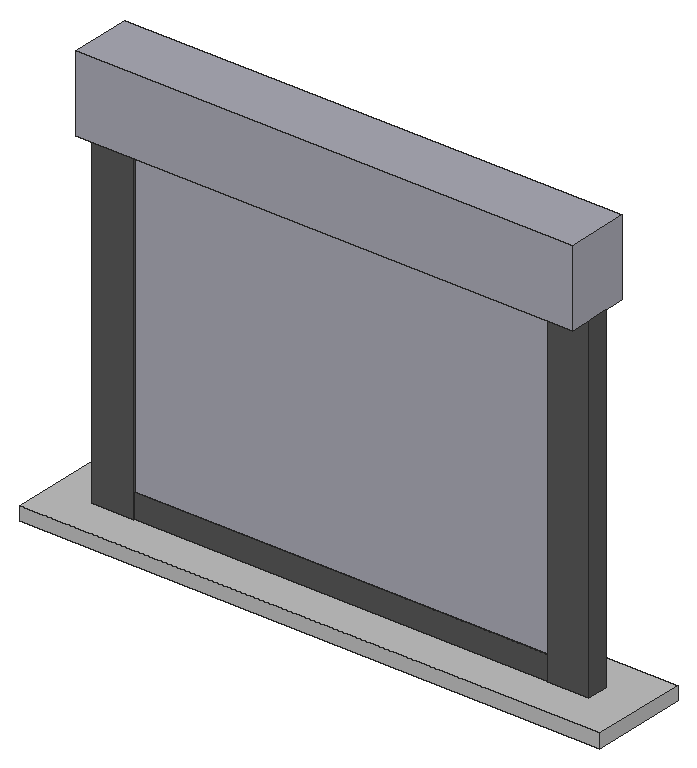
Revit family
Parameters (values of type "No4 Stainless")
  hooddepthb [instance] = if(1 = 1, Hood Depth / 2, 0' 0")  # 0' - 4 1/2"
  hooddepth [instance] = if(1 = 1, -(Hood Depth / 2), 0' 0")  # -0' - 4 1/2"
  countervoid [instance] = if(Include Counter, Counter Thickness, 0' 0")  # 0' - 2"
  countercontrol [instance] = if(Counter Thickness = 0' 0", 0' 1", Counter Thickness)  # 0' - 2"
  Warranty Duration (Years) = 0
  URL = "http://www.wayne-dalton.com/commercial/Pages/default.aspx"
  Thickness = 0' - 0"  # constant formula
  Surface Finish [instance] = Laminate - as Specified
  Standards Conformance = "UL or FM  ;  NFPA Standard 80"
  Specification = "http://www.arcat.com/sdspecs/htm04/08_33_13way.htm"
  Sideroom Clearance Material [instance] = ARCAT Clearance
  Send Message = "http://www.arcat.com/users.pl?action=UserEmail&company=Wayne-Dalton+Corp.&coid=36462&rep=108&fax=&mf="
  Sales Information = "http://commercial.wayne-dalton.com/contact.asp"
  Rough Width = 0' - 0"  # constant formula
  Rough Height = 0' - 0"  # constant formula
  Recycled Content [instance] = "as Specified"
  R-Value = 0
  Product Properties = ""
  Product Data = "http://arcat.com/arcatcos/cos36/arc36462.html"
  Opening Width [instance] = 6' - 0"
  Offset from Wall CL Notes [instance] = "Use Positive or Negative values to determine location."  # constant formula
  Offset from Wall CL [instance] = 0' - 0"
  Mounting Height [instance] = 3' - 0"
  Model = "Model 550"
  Maximum Size = "16 ft W x 9 ft H"
  Manufacturer Website = "http://www.wayne-dalton.com/commercial/Pages/default.aspx"
  Manufacturer Phone - Toll Free = "800-827-3667"
  Manufacturer Phone = ""
  Manufacturer Fax = ""
  Manufacturer Address = "2501 S. State Highway 121 Suite 200   Lewisville, TX 75067"
  Manufacturer = "Wayne Dalton Corp."
  Maintenance Schedule (Months) = 0
  Keynote = "08 33 13"
  Installation-Fabrication = ""
  Installation Phase = ""
  Include Counter [instance] = yes
  Hood Material [instance] = Metal - Wayne Dalton - Gray
  Hood Height [instance] = 0' - 11"
  Hood Depth [instance] = 0' - 9"
  Height = 0' - 0"  # constant formula
  Green Building-LEED = ""
  Function = (empty or 0)
  Frame Material [instance] = Metal - Steel
  Frame Finish [instance] = Metal - Wayne Dalton - Black
  Fire Rating = "As Specified"
  Expected Lifespan (Years) = 0
  Drawn By = "Sumex Design, Inc. / Robert S. Weygant, CSI, CDT, SCIP"
  Door Operation [instance] = "as Specified"
  Description = "Wayne Dalton Fire Counter Shutter - Model 550 as Specified"
  Wall Closure = (empty or 0)
  Width = 0' - 0"  # constant formula
  Curtain Finish [instance] = Metal - Wayne Dalton - Gray 3in Slats
  Counter Width [instance] = 7' - 0"
  Counter Thickness [instance] = 0' - 2"
  Counter Depth_Interior [instance] = 0' - 4"
  Counter Depth_Exterior [instance] = 0' - 4"
  Copyright = "©Arcat Inc."
  Construction Details = ""
  Clear Opening Width [instance] = 5' - 0"
  Clear Opening Height [instance] = 5' - 0"
  Bottom Seal Color [instance] = Plastic - Black
  Available Options [instance] = "as Specified"
  Available LEED Credit [instance] = "as Specified"
  Assembly Code = "B2030400"
Types (2): name | Model | Description
  No4 Stainless | "Model 550" | "Wayne Dalton Fire Counter Shutter - Model 550 as Specified"
  Galvanized Painted | "Model 540" | "Wayne Dalton Fire Counter Shutter - Model 540 as Specified"
Reference planes (in)
  plane 1 "Center (Front/Back)": y = 1.6426
  plane 2: z = 96
  plane 3 "Center (Left/Right)": x = -0.5
  plane 4 "Left": x = -36.5
  plane 5 "Right": x = 35.5
  plane 6 "Bottom": z = 0
  plane 7 "Wall Int": y = -1.3574
  plane 8 "Wall Ext": y = 4.6426
  plane 9: z = 36
  plane 10: z = 34
  plane 11: x = -42.5
  plane 12: x = 41.5
  plane 13: y = 8.6426
  plane 14: y = -5.3574
  plane 15: z = 85
  plane 16: x = -30.5
  plane 17: x = 29.5
Forms (in)
  Extrusion 1, void
    sketch origin (0, 1.6426, 0) x (1, 0, 0) y (0, 0, 1)
      loop
        line (-36.5, 96) -> (-36.5, 34) -> (35.5, 34) -> (35.5, 96) -> (-36.5, 96)
    from -3 to 3
  Extrusion 2, solid, material "Metal - Wayne Dalton - Black" <- "Frame Finish"
    sketch origin (0, 0, 58) x (-1, 0, 0) y (0, -1, 0)
      loop
        line (36.5, -3.1426) -> (36.5, -0.1426) -> (30.5, -0.1426) -> (30.5, -3.1426) -> (36.5, -3.1426)
      loop
        line (-35.5, -3.1426) -> (-29.5, -3.1426) -> (-29.5, -0.1426) -> (-35.5, -0.1426) -> (-35.5, -3.1426)
    from -22 to 27
  Extrusion 3, solid, material "Laminate - as Specified" <- "Surface Finish", visible <- "Include Counter"
    sketch origin (-45.6604, -9, 34) x (-1, 0, 0) y (0, -1, 0)
      loop
        line (-3.1604, -17.6426) -> (-3.1604, -3.6426) -> (-87.1604, -3.6426) -> (-87.1604, -17.6426) -> (-3.1604, -17.6426)
    from 0 to 2 <- "countercontrol"
  Extrusion 4, solid, material "Metal - Wayne Dalton - Gray" <- "Hood Material"
    sketch origin (0, 1.6426, 0) x (1, 0, 0) y (0, 0, 1)
      loop
        line (-36.5, 85) -> (35.5, 85) -> (35.5, 96) -> (-36.5, 96) -> (-36.5, 85)
    from 4.5 <- "hooddepthb" to -4.5 <- "hooddepth"
  Extrusion 5, solid, material "Metal - Wayne Dalton - Gray 3in Slats" <- "Curtain Finish"
    sketch origin (0, 0, 58) x (-1, 0, 0) y (0, -1, 0)
      loop
        line (30.5, -0.3926) -> (-29.5, -0.3926) -> (-29.5, -1.1426) -> (30.5, -1.1426) -> (30.5, -0.3926)
    from -22 to 27
  Extrusion 6, solid, material "Metal - Wayne Dalton - Black" <- "Frame Finish"
    sketch origin (-72, -9, 36) x (-1, 0, 0) y (0, -1, 0)
      loop
        line (-41.5, -9.2676) -> (-101.5, -9.2676) -> (-101.5, -10.2676) -> (-41.5, -10.2676) -> (-41.5, -9.2676)
    from 0 to 3.5
  Extrusion 7, void
    sketch origin (0, 1.6426, 0) x (1, 0, 0) y (0, 0, 1)
      loop
        line (3.5, 36) -> (3.5, 39) -> (-4.5, 39) -> (-4.5, 36) -> (3.5, 36)
    from 0 <- "Offset from Wall CL" to 12.01562
Cuts and joins
  Extrusion 7 cuts Extrusion 2
  Extrusion 7 cuts Extrusion 3
Text (in)
  text "EXTERIOR" at (-58.6888, 13.80127, 0), in view "Plan"
  text "INTERIOR" at (-58.6888, -8.43329, 0), in view "Plan"
  text "Exterior" at (0, 43.65631, 123.19604), in view "Left"
  text "Exterior" at (0, 18.29385, 125.04747), in view "Right"
Dimensions and locks (in)
  equal spacing: plane 4 "Left", plane 3 "Center (Left/Right)", plane 5 "Right"
  "Opening Width": plane 4 "Left" to plane 5 "Right"
  "Clear Opening Height": plane 2 to plane 9
  "Mounting Height": plane 9 to plane 6 "Bottom"
  "Counter Thickness": plane 9 to plane 10
  equal spacing: plane 12, plane 3 "Center (Left/Right)", plane 11
  "Counter Width": plane 12 to plane 11
  "Counter Depth_Exterior": plane 13 to plane 8 "Wall Ext"
  "Counter Depth_Interior": plane 7 "Wall Int" to plane 14
  "countervoid": plane 9 to Extrusion 1 sketch curve
  "Hood Height": plane 2 to plane 15
  locked: Extrusion 7 sketch curve to plane 9 at 3
  locked: plane 3 "Center (Left/Right)" to Extrusion 7 sketch curve at 4  (x2)
  Extrusion 2 sketch curve to Extrusion 7 to Extrusion 2 sketch curve = 0' - 1 1/2" locked, 0' - 1 1/2" locked  (x2)
  equal spacing: plane 16, plane 3 "Center (Left/Right)", plane 17
  "Clear Opening Width": plane 16 to plane 17
  Extrusion 7 to Extrusion 5 sketch curve to Extrusion 5 sketch curve = 0' - 0 1/2" locked, 0' - 0 3/4" locked
  Extrusion 7 to Extrusion 6 sketch curve to Extrusion 6 sketch curve = 0' - 0 3/8" locked, 0' - 1" locked
  aligned and locked: plane 1 "Center (Front/Back)" to host wall
  aligned and locked: plane 7 "Wall Int" to host wall
  aligned and locked: plane 8 "Wall Ext" to host wall
  aligned and locked: plane 5 "Right" to Extrusion 1 sketch curve
  aligned and locked: Extrusion 1 sketch curve to plane 4 "Left"
  aligned and locked: Extrusion 1 sketch curve to plane 2
  aligned and locked: Extrusion 1 to plane 7 "Wall Int"
  aligned and locked: plane 8 "Wall Ext" to Extrusion 1
  aligned and locked: Extrusion 2 to plane 9
  aligned: plane 2 to Extrusion 2
  aligned and locked: plane 13 to Extrusion 3 sketch curve
  aligned and locked: Extrusion 3 sketch curve to plane 11
  aligned and locked: plane 12 to Extrusion 3 sketch curve
  aligned and locked: Extrusion 3 sketch curve to plane 14
  aligned: plane 9 to Extrusion 3
  aligned and locked: Extrusion 4 sketch curve to plane 2
  aligned and locked: plane 15 to Extrusion 4 sketch curve
  aligned: plane 2 to Extrusion 5
  aligned and locked: Extrusion 5 to plane 9
  aligned and locked: plane 9 to Extrusion 7 sketch curve
  aligned and locked: Extrusion 2 sketch curve to plane 4 "Left"
  aligned and locked: Extrusion 2 sketch curve to plane 16
  aligned and locked: Extrusion 2 sketch curve to plane 5 "Right"
  aligned and locked: Extrusion 2 sketch curve to plane 17
  aligned and locked: Extrusion 5 sketch curve to plane 16
  aligned and locked: plane 17 to Extrusion 5 sketch curve
  aligned and locked: Extrusion 6 sketch curve to plane 16
  aligned and locked: plane 17 to Extrusion 6 sketch curve
  aligned and locked: plane 4 "Left" to Extrusion 4
  aligned and locked: Extrusion 4 to plane 5 "Right"
  aligned and locked: plane 15 to Extrusion 5
  aligned and locked: plane 15 to Extrusion 2
Automatic sketch dimensions
  Extrusion 7 to Extrusion 4 sketch curve = 2' - 8"  (x2)
